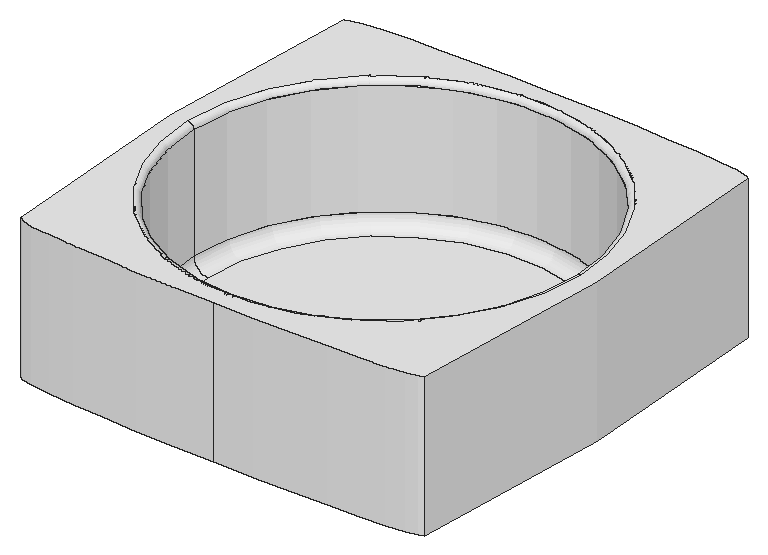
Revit family "3006 Bathtub_F06292EN", category Plumbing Fixtures, Revit 2020
Family settings
  Round Connector Dimension = Use Diameter
  Part Type = Normal
  OmniClass Number = 23.45.05.14.21
  OmniClass Title = Bathtubs
  Work Plane-Based = Yes
  Always vertical = Yes
  Cut with Voids When Loaded = No
  Shared = No
  Room Calculation Point = No
Parameters (values of type "Unique")
  b [instance] = if(Length < 150 cm, 150 cm, Length)  # 150 cm
  a [instance] = b - 10 cm  # 140 cm
  Website = "https://www.BlocksRvt.com/"
  Water Outlet Diameter [instance] = 50 mm
  Comments [instance] = "Minimum length: 150cm"  # constant formula
  Type Comments = "3006 Bathtub"  # constant formula
  Manufacturer = "T&W"  # constant formula
  Structure = Blks - Ceramic - White - 240-240-240
  Detail = Blks - Ceramic - Corrugated - 13x13 90º - White - 240-240-240
  Description = "Round freestanding acrylic bathtub"
  Default Elevation = 0 cm
  Designer = ""
  Contact = "info@blocksrvt.com"  # constant formula
  Length [instance] = 150 cm
  Author = "Blocks"  # constant formula
  Assembly Code = "Bath"
  Height [instance] = 50 cm
Reference planes (cm)
  plane 1 "Centro (Frente/Trás)": y = 0
  plane 2: z = 0
  plane 3 "Centro (Esquerda/Direita)": x = 0
  plane 4: x = -71
  plane 5: y = 71
  plane 6: y = -71
  plane 7: x = 71
  plane 8: z = 50
  plane 9: y = 75
  plane 10: x = -75
  plane 11: y = -75
  plane 12: x = 75
  plane 13: z = 3.2512
Forms (cm)
  Extrusion 1, solid, material "Blks - Ceramic - Corrugated - 13x13 90º - White - 240-240-240" <- "Detail"
    sketch origin (0, 0, 0) x (1, 0, 0) y (0, 1, 0)
      loop
        arc (-71, 71) -> (-75, 0) -> (-71, -71) r 632.125
        spline (-71, -71) -> (-70.3898, -71.5233) -> (-68.5696, -72.0376) -> (-65.5707, -72.5341) -> (-61.4447, -73.0042) -> (-56.2624, -73.4399) -> (-50.1131, -73.8336) -> (-43.1023, -74.1786) -> (-35.3506, -74.4689) -> (-26.9913, -74.6997) -> (-18.168, -74.8668) -> (-9.0324, -74.9675) -> (0.2585, -75)
        spline (0.2585, -75) -> (9.5023, -74.964) -> (18.5842, -74.8605) -> (27.3496, -74.6913) -> (35.6492, -74.4592) -> (43.3416, -74.1682) -> (50.2959, -73.8233) -> (56.3936, -73.4302) -> (61.5308, -72.9958) -> (65.6202, -72.5274) -> (68.5919, -72.0329) -> (70.3954, -71.5209) -> (71, -71)
        arc (71, -71) -> (75, 0) -> (71, 71) r 632.125
        spline (71, 71) -> (70.3909, 71.5228) -> (68.5741, 72.0367) -> (65.5807, 72.5327) -> (61.4621, 73.0025) -> (56.289, 73.4379) -> (50.1501, 73.8315) -> (43.1507, 74.1765) -> (35.411, 74.467) -> (27.0637, 74.698) -> (18.2521, 74.8656) -> (9.1273, 74.9668) -> (-0.1541, 75)
        spline (-0.1541, 75) -> (-9.4074, 74.9647) -> (-18.5002, 74.8618) -> (-27.2773, 74.693) -> (-35.5889, 74.4612) -> (-43.2933, 74.1703) -> (-50.259, 73.8254) -> (-56.3671, 73.4322) -> (-61.5135, 72.9975) -> (-65.6102, 72.5287) -> (-68.5874, 72.0339) -> (-70.3943, 71.5214) -> (-71, 71)
      loop
        circle (0, 0) r 70
    from 0 to 50
  Sweep 2, solid, material "Blks - Ceramic - Corrugated - 13x13 90º - White - 240-240-240" <- "Detail"
    path in 3D
      loop
        arc (-70, 0, 50) -> (0, -70, 50) -> (70, 0, 50) r 70
        arc (70, 0, 50) -> (0, 70, 50) -> (-70, 0, 50) r 70
    profile origin (0, 70, 50) x (0, -1, 0) y (0, 0, 1)
      loop
        line (0, 0) -> (0, -50) -> (11.25, -50) -> (11.25, -46.7488) -> (8.25, -46.7488) -> (8, -46.7488)
        arc (8, -46.7488) -> (4.4645, -45.2843) -> (3, -41.7488) r 5
        line (3, -41.7488) -> (3, -2)
        arc (3, -2) -> (2.4142, -0.5858) -> (1, 0) r 2
        line (1, 0) -> (0, 0)
  Extrusion 3, solid, material "Blks - Ceramic - Corrugated - 13x13 90º - White - 240-240-240" <- "Detail"
    sketch origin (0, 0, 0) x (1, 0, 0) y (0, 1, 0)
      loop
        circle (0, 0) r 58.75
    from 0 to 3.2512
  Extrusion 4, void
    sketch origin (0, 0, 0) x (1, 0, 0) y (0, 1, 0)
      loop
        circle (0, 0) r 2
      loop
        circle (0, 0) r 1.75
    from 0 to 6.6482
Cuts and joins
  Extrusion 4 cuts Extrusion 1
  Extrusion 4 cuts Sweep 2
  Extrusion 4 cuts Extrusion 3
  joined: Extrusion 1, Sweep 2, Extrusion 3
Lines and regions (cm)
  sketch lines
    curve 1: arc (70, 0, 50) -> (0, 70, 50) -> (-70, 0, 50) r 70
    curve 2: arc (-70, 0, 50) -> (0, -70, 50) -> (70, 0, 50) r 70
Dimensions and locks (cm)
  equal spacing: plane 10, plane 3 "Centro (Esquerda/Direita)", plane 12
  "b": plane 10 to plane 12
  equal spacing: plane 9, plane 1 "Centro (Frente/Trás)", plane 11
  "b": plane 9 to plane 11
  "Height": plane 8 to plane 2
  plane 9 to plane 5 = 4 cm
  plane 10 to plane 4 = 4 cm
  plane 7 to plane 12 = 4 cm
  plane 11 to plane 6 = 4 cm
  locked: plane 12 to Extrusion 1 sketch curve
  locked: plane 10 to Extrusion 1 sketch curve
  plane 13 to level = 3.2512 cm
  diameter of Extrusion 4 sketch curve = 4 cm
  diameter of Extrusion 4 sketch curve = 3.5 cm
  "a": diameter of Extrusion 1 sketch curve
  aligned and locked: level to plane 2
  aligned and locked: plane 8 to Extrusion 1
  aligned and locked: Extrusion 1 to level
  aligned and locked: Extrusion 3 sketch curve to Sweep 2  (x2)
  aligned and locked: Sweep 2 to Extrusion 3
  aligned and locked: Sweep 2 sketch curve to plane 13
  aligned and locked: plane 1 "Centro (Frente/Trás)" to Extrusion 1 sketch curve
  aligned and locked: plane 3 "Centro (Esquerda/Direita)" to Extrusion 1 sketch curve
  aligned and locked: plane 9 to Extrusion 1 sketch curve
  aligned and locked: plane 5 to Extrusion 1 sketch curve
  aligned and locked: Extrusion 1 sketch curve to plane 5
Automatic sketch dimensions
  Sweep 2 sketch curve to profile plane = 0 cm  (x2)
  Sweep 2 sketch curve to profile plane = 1 cm
  Sweep 2 sketch curve to profile plane = 2 cm
  Sweep 2 sketch curve to Sweep 2 sketch curve = 3.25 cm
  Sweep 2 sketch curve to Sweep 2 sketch curve = 0.25 cm
  Sweep 2 sketch curve to Sweep 2 sketch curve = 5 cm
  Sweep 2 sketch curve to Sweep 2 sketch curve = 3.2512 cm
  Extrusion 4 sketch curve to Extrusion 4 sketch curve = 0 cm  (x2)
  plane 1 "Centro (Frente/Trás)" to Extrusion 4 sketch curve = 0 cm
  Extrusion 4 sketch curve to plane 3 "Centro (Esquerda/Direita)" = 0 cm
  Extrusion 1 sketch curve to plane 1 "Centro (Frente/Trás)" = 0 cm
  Extrusion 1 sketch curve to plane 4 = 0 cm  (x4)
  Extrusion 1 sketch curve to plane 3 "Centro (Esquerda/Direita)" = 0 cm  (x4)
  plane 1 "Centro (Frente/Trás)" to Extrusion 1 sketch curve = 0 cm
  Extrusion 1 sketch curve to plane 9 = 0 cm
  plane 11 to Extrusion 1 sketch curve = 0 cm
  plane 3 "Centro (Esquerda/Direita)" to Extrusion 1 sketch curve = 0.2585 cm
Connectors (cm)
  piping at (0, 0, 3.2512), diameter 5, driven by "Water Outlet Diameter"
    settings: on cut or joined group of Extrusion 1, Sweep 2, Extrusion 3, Extrusion 4, index 2, connector inside diameter 609.6 mm, connector length 0 cm, flow factor 0, pipe flow 0.0 L/s, pressure drop 0.0 Pa, fitting loss kfactor 0, connector angle 0.00°, fixture units 0, engagement length 0 cm, angle of deflection 0.00°, flow configuration 0, flow direction 2, fitting loss method 0, system type 16, joint type 0, gender type 0, connector reference index -1, connector utility 0, adjustable connector no, is connector primary yes, connector description ""
